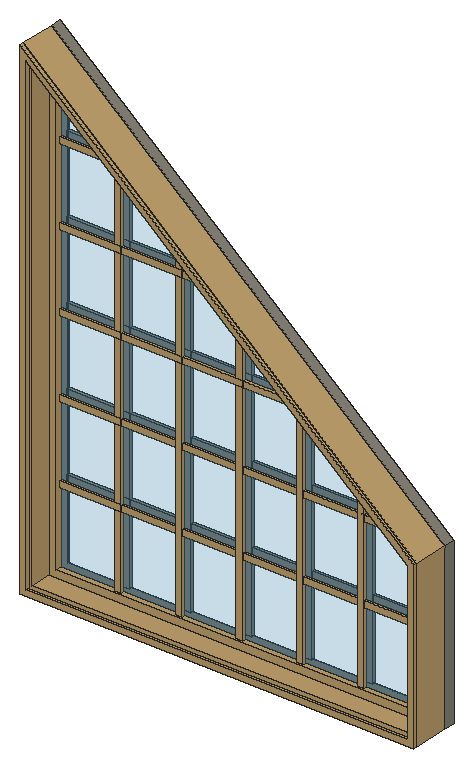
Revit family
Parameters (values of type "CDGPOLY P4")
  Window Type = "Clad Direct Glaze Polygon Shape P4"
  URL = "www.marvin.com"
  Slope per foot = 0' - 10"
  Slope Length = Width / cos(Slope Angle)  # 5' - 2.482"
  Slope Angle = atan(Slope per foot / 1' 0")  # 39.8056°
  Nominal Width = 4' - 0"
  Nominal Height = 5' - 0"
  Muntins Interior Visibility = yes
  Muntins Interior Material = Wood-Marvin-Pine
  Muntins Exterior Visibility = yes
  Muntins Exterior Material = Aluminum-Marvin-Bronze
  Model = "CDGPOLY P4"
  Mask Offset [instance] = if(Inset to Installation Flange = 0' 1 3/32", 0' 0 1/32", 0' 0")  # 0' - 0"
  Mask [instance] = Inset to Installation Flange > 0' 1 3/32"  # no
  Manufacturer = "Marvin Windows and Doors"
  Lites Wide = 6
  Lites High = 6
  Label Visibility = no
  Springline Height = Height - (Slope Length * sin(Slope Angle))  # 1' - 8"
  Interior Material = Wood-Marvin-Pine
  Glazing Material = Glass-Marvin-IG Low E II with Argon
  Glass Type = "IG Low E II with Argon"
  Frame = "Aluminum Clad"
  Family created by = "www.rbuiltcomponents.com"
  Rough Width = Width + 0' 1"  # 4' - 1"
  Rough Height = Height + (0' 0 1/2" / cos(Slope Angle)) + (0' 0 1/2" * tan(Slope Angle))  # 5' - 1.06752"
  Jamb Extension Visibility = yes
  Inset to Installation Flange [instance] = 0' - 1"
  Height = Nominal Height  # 5' - 0"
  Design Pressure = if(or(Width > 10' 0", Height > 6' 0"), "", "DP40")  # "DP40"
  Description = "FIXED"
  Default Head Height = 8' - 0"
  Wall Closure = (empty or 0)
  Width = Nominal Width  # 4' - 0"
  Daylight Area = DLO Width * (DLO Height - DLO Height Above Springline) + (DLO Width * DLO Height Above Springline) / 2  # 11.5368 SF
  DLO Width = Width - 0' 3 15/16"  # 3' - 8 1/16"
  DLO Height Above Springline = DLO Width * tan(Slope Angle)  # 3' - 0 23/32"
  DLO Height = Height - 0' 3 15/16"  # 4' - 8 1/16"
  Cladding Material = Aluminum-Marvin-Bronze
  Assembly Code = ""
Reference planes (in)
  plane 1 "Center (Front/Back)": y = 0
  plane 2: z = 0
  plane 3 "Center (Left/Right)": x = -3
  plane 4 "Left": x = -27
  plane 5 "Right": x = 21
  plane 6 "Sill": z = 36
  plane 7 "Top": z = 96
  plane 8 "Inset": y = 2
  plane 9 "Glazing": y = 1.80078
  plane 10 "Jamb Ext Face": y = -2.5625
  plane 11: z = 66
  plane 12: y = -2.59375
Forms (in)
  Sweep 1, solid, material "Aluminum-Marvin-Bronze" <- "Cladding Material"
    path origin (0, 1.80078, 0) x (1, 0, 0) y (0, 0, 1)
      loop
        line (-27, 96) -> (-27, 36) -> (21, 36) -> (21, 56) -> (-27, 96)
    profile "Profile_Ext_Clad_Frame : Profile_Ext_Clad_Frame" origin (-27, 1.80078, 66) x (1, 0, 0) y (0, -1, 0)
      loop
        line (0.66161, -0.32533) -> (1.80253, -0.32533) -> (1.80253, -0.20244) -> (1.97001, -0.03495) -> (1.97001, 0) -> (0, 0) -> (0, -1.29321) -> (0.59393, -1.29321) -> (0.66161, -0.32533)
  Sweep 2, solid, material "Wood-Marvin-Pine" <- "Interior Material"
    path origin (0, 1.80078, 0) x (1, 0, 0) y (0, 0, 1)
      loop
        line (-27, 96) -> (-27, 36) -> (21, 36) -> (21, 56) -> (-27, 96)
    profile "Profile_Int_Frame : Profile_Int_Frame" origin (-27, 1.80078, 66) x (1, 0, 0) y (0, -1, 0)
      loop
        line (1.094, 4.36304) -> (0, 4.36304) -> (0, 0) -> (1.094, 0) -> (1.094, 1.0626) -> (1.97001, 1.0626) -> (1.97001, 1.7506) -> (1.094, 1.7506) -> (1.094, 4.36304)
  Extrusion 3, solid, material "Wood-Marvin-Pine" <- "Interior Material", visible <- "Jamb Extension Visibility", detail levels medium+fine
    sketch origin (0, -2.5625, 0) x (1, 0, 0) y (0, 0, 1)
      loop
        line (-27, 36) -> (21, 36) -> (21, 56) -> (-27, 96) -> (-27, 36)
      loop
        line (-26.3125, 36.6875) -> (20.3125, 36.6875) -> (20.3125, 55.67799) -> (-26.3125, 94.53216) -> (-26.3125, 36.6875)
    from 0.03125 to 0.4375
  Extrusion 4, solid, material "Glass-Marvin-IG Low E II with Argon" <- "Glazing Material"
    sketch origin (0, 1.80078, 0) x (1, 0, 0) y (0, 0, 1)
      loop
        line (19.71875, 55.64364) -> (-25.71875, 93.50822) -> (-25.71875, 37.28125) -> (19.71875, 37.28125) -> (19.71875, 55.64364)
    from 0 to 0.1875
  Extrusion 5, solid, material "Glass-Marvin-IG Low E II with Argon" <- "Glazing Material"
    sketch origin (0, 1.80078, 0) x (1, 0, 0) y (0, 0, 1)
      loop
        line (19.71875, 55.64364) -> (-25.71875, 93.50822) -> (-25.71875, 37.28125) -> (19.71875, 37.28125) -> (19.71875, 55.64364)
    from 0.8125 to 1
Lines and regions (in)
  Opening 1
    outline origin (-60, -3, 0) x (1, 0, 0) y (0, 0, 1)
      loop
        line (33, 96) -> (33, 36) -> (81, 36) -> (81, 56) -> (33, 96)
  Masking region 1
    outline origin (0, 0, 36) x (0, -1, 0) y (1, 0, 0)
      loop
        line (-3.094, -27) -> (2.5625, -27) -> (2.5625, 21) -> (-3.094, 21) -> (-3.094, -27)
  Masking region 2
    outline origin (-3, 0, 0) x (0, 1, 0) y (0, 0, 1)
      loop
        line (3.094, 96) -> (-2.5625, 96) -> (-2.5625, 36) -> (3.094, 36) -> (3.094, 96)
  Masking region 3, visible <- "Mask"
    outline origin (-3, 0, 0) x (0, 1, 0) y (0, 0, 1)
      loop
        line (3.094, 96) -> (3, 96) -> (3, 36) -> (3.094, 36) -> (3.094, 96)
  Masking region 4, visible <- "Jamb Extension Visibility"
    outline origin (0, 0, 36) x (0, -1, 0) y (1, 0, 0)
      loop
        line (-3, -27) -> (3, -27) -> (3, 21) -> (-3, 21) -> (-3, -27)
  Masking region 5
    outline origin (-3, 0, 0) x (0, 1, 0) y (0, 0, 1)
      loop
        line (-2.59375, 96) -> (-3, 96) -> (-3, 36) -> (-2.59375, 36) -> (-2.59375, 96)
  symbolic lines, style "Jamb Extension", visible <- "Jamb Extension Visibility", detail levels fine
    curve 1: line (-27, -3, 36) -> (-26.3125, -3, 36)
    curve 2: line (-26.3125, -3, 36) -> (-26.3125, -2.59375, 36)
    curve 3: line (21, -3, 36) -> (20.3125, -3, 36)
    curve 4: line (20.3125, -3, 36) -> (20.3125, -2.59375, 36)
    curve 5: line (-3, -3, 95.3125) -> (-3, -2.59375, 95.3125)
    curve 6: line (-3, -3, 36.6875) -> (-3, -2.59375, 36.6875)
  symbolic lines, style "WindowsFrameMullionProjection", detail levels coarse+medium
    curve 7: line (21, -2.5625, 36) -> (19.906, -2.5625, 36)
    curve 8: line (19.906, -2.5625, 36) -> (19.906, 3.094, 36)
    curve 9: line (19.906, 3.094, 36) -> (21, 3.094, 36)
    curve 10: line (19.906, 2.12611, 36) -> (19.02999, 2.12611, 36)
    curve 11: line (19.02999, 2.12611, 36) -> (19.02999, 0.05018, 36)
    curve 12: line (-25.906, 0.05018, 36) -> (-25.02999, 0.05018, 36)
    curve 13: line (-27, -2.5625, 36) -> (-25.906, -2.5625, 36)
    curve 14: line (-25.906, -2.5625, 36) -> (-25.906, 3.094, 36)
    curve 15: line (-25.906, 3.094, 36) -> (-27, 3.094, 36)
    curve 16: line (-25.02999, 2.12611, 36) -> (-25.02999, 0.05018, 36)
    curve 17: line (-3, 3.094, 96) -> (-3, 3.094, 94.906)
    curve 18: line (-3, 3.094, 94.906) -> (-3, -2.5625, 94.906)
    curve 19: line (-3, -2.5625, 94.906) -> (-3, -2.5625, 96)
    curve 20: line (-3, 2.12611, 94.906) -> (-3, 2.12611, 94.02999)
    curve 21: line (-3, 2.12611, 94.02999) -> (-3, 0.05018, 94.02999)
    curve 22: line (-3, 0.05018, 37.094) -> (-3, 0.05018, 37.97001)
    curve 23: line (-3, 3.094, 36) -> (-3, 3.094, 37.094)
    curve 24: line (-3, 3.094, 37.094) -> (-3, -2.5625, 37.094)
    curve 25: line (-3, -2.5625, 37.094) -> (-3, -2.5625, 36)
    curve 26: line (-3, 2.12611, 37.97001) -> (-3, 0.05018, 37.97001)
    curve 27: line (19.02999, 2.12611, 36) -> (-25.02999, 2.12611, 36)
    curve 28: line (19.02999, 0.05018, 36) -> (19.906, 0.05018, 36)
    curve 29: line (-25.02999, 0.05018, 36) -> (19.02999, 0.05018, 36)
    curve 30: line (-25.02999, 2.12611, 36) -> (-25.906, 2.12611, 36)
    curve 31: line (-3, 0.05018, 37.97001) -> (-3, 0.05018, 94.02999)
    curve 32: line (-3, 2.12611, 37.97001) -> (-3, 2.12611, 37.094)
    curve 33: line (-3, 0.05018, 94.02999) -> (-3, 0.05018, 94.906)
    curve 34: line (-3, 2.12611, 94.02999) -> (-3, 2.12611, 37.97001)
  symbolic lines, style "WindowsFrameMullionProjection", visible <- "Jamb Extension Visibility", detail levels coarse+medium
    curve 35: line (-26.3125, -2.59375, 36) -> (-26.3125, -3, 36)
    curve 36: line (-26.3125, -3, 36) -> (-27, -3, 36)
    curve 37: line (20.3125, -2.59375, 36) -> (20.3125, -3, 36)
    curve 38: line (20.3125, -3, 36) -> (21, -3, 36)
    curve 41: line (-3, -2.59375, 95.3125) -> (-3, -3, 95.3125)
    curve 42: line (-3, -3, 95.3125) -> (-3, -3, 96)
    curve 43: line (-3, -2.59375, 36.6875) -> (-3, -3, 36.6875)
    curve 44: line (-3, -3, 36.6875) -> (-3, -3, 36)
  symbolic lines, style "Jamb Extension", visible <- "Jamb Extension Visibility"
    curve 39: line (-3, -3, 36.6875) -> (-3, -3, 36)
    curve 40: line (-3, -3, 95.3125) -> (-3, -3, 96)
  symbolic lines, style "WindowsGlassProjection", detail levels coarse+medium
    curve 45: line (-3, 1.06756, 37.97001) -> (-3, 1.06756, 94.02999)
    curve 46: line (19.02999, 1.06956, 36) -> (-25.02999, 1.06956, 36)
  reference lines
    curve 47: line (-27, 0, 96) -> (21, 0, 56)
Text (in)
  text "EXTERIOR" at (-58.6888, 50.90694, 0), in view "Ref. Level"
  text "INTERIOR" at (-58.6888, -37.76638, 0), in view "Ref. Level"
  text "Exterior" at (0, 43.65631, 123.19604), in view "Left"
  text "Exterior" at (0, 18.29385, 125.04747), in view "Right"
Dimensions and locks (in)
  equal spacing: plane 4 "Left", plane 3 "Center (Left/Right)", plane 5 "Right"
  "Width": plane 4 "Left" to plane 5 "Right"
  "Height": plane 6 "Sill" to plane 7 "Top"
  "Inset to Installation Flange": host wall to plane 8 "Inset"
  locked: plane 9 "Glazing" to plane 8 "Inset" at 0.19922
  locked: plane 10 "Jamb Ext Face" to plane 8 "Inset" at 4.5625
  locked: Extrusion 4 sketch curve to plane 5 "Right" at 1.28125
  locked: plane 4 "Left" to Extrusion 4 sketch curve at 1.28125
  locked: plane 6 "Sill" to Extrusion 4 sketch curve at 1.28125
  equal spacing: curve 28, plane 8 "Inset", curve 10
  equal spacing: plane 6 "Sill", plane 11, plane 7 "Top"
  "Default Head Height": plane 2 to plane 7 "Top"
  locked: Extrusion 3 sketch curve to Extrusion 3 sketch curve at 0.6875  (x3)
  locked: nested 3 to host wall at 12.00106
  locked: Extrusion 5 sketch curve to plane 5 "Right" at 1.28125
  locked: plane 6 "Sill" to Extrusion 5 sketch curve at 1.28125
  locked: plane 4 "Left" to Extrusion 5 sketch curve at 1.28125
  locked: plane 9 "Glazing" to Extrusion 4 at 0.1875
  locked: plane 9 "Glazing" to Extrusion 5 at 0.8125
  locked: plane 9 "Glazing" to Extrusion 5 at 1
  locked: Extrusion 5 to Extrusion 5 at 0.1875
  "Slope Length": curve 47 to curve 47
  "Springline Height": plane 6 "Sill" to curve 47
  locked: curve 41 to plane 7 "Top" at 0.6875
  locked: plane 12 to plane 10 "Jamb Ext Face" at 0.03125
  "Mask Offset": Masking region 3 sketch curve to host wall
  locked: nested 5 to plane 9 "Glazing" at 1.0626
  "Slope Angle": angle plane 7 "Top" to curve 47
  aligned and locked: plane 6 "Sill" to Opening 1 sketch curve  (x2)
  aligned and locked: plane 5 "Right" to Opening 1 sketch curve
  aligned and locked: plane 4 "Left" to Opening 1 sketch curve
  aligned and locked: nested 1 to plane 3 "Center (Left/Right)"
  aligned and locked: plane 8 "Inset" to nested 1
  aligned and locked: host wall to curve 1
  aligned and locked: curve 3 to host wall
  aligned and locked: Sweep 1 sketch curve to plane 6 "Sill"
  aligned and locked: plane 5 "Right" to Sweep 1 sketch curve
  aligned and locked: Sweep 1 sketch curve to plane 4 "Left"
  aligned and locked: Sweep 2 sketch curve to plane 4 "Left"
  aligned and locked: plane 5 "Right" to Sweep 2 sketch curve
  aligned and locked: Sweep 2 sketch curve to plane 6 "Sill"
  aligned and locked: plane 8 "Inset" to nested 2
  aligned and locked: Extrusion 3 sketch curve to plane 6 "Sill"
  aligned and locked: plane 5 "Right" to Extrusion 3 sketch curve
  aligned and locked: plane 5 "Right" to Masking region 1 sketch curve
  aligned and locked: Masking region 1 sketch curve to plane 4 "Left"
  aligned and locked: plane 7 "Top" to Masking region 2 sketch curve
  aligned and locked: Masking region 2 sketch curve to plane 6 "Sill"
  aligned and locked: host wall to Extrusion 3
  aligned and locked: plane 3 "Center (Left/Right)" to nested 3
  aligned and locked: plane 7 "Top" to Masking region 3 sketch curve
  aligned and locked: Masking region 3 sketch curve to plane 6 "Sill"
  aligned and locked: Extrusion 3 sketch curve to plane 4 "Left"
  aligned and locked: curve 2 to Extrusion 3
  aligned and locked: curve 4 to Extrusion 3
  aligned and locked: plane 10 "Jamb Ext Face" to curve 13
  aligned and locked: curve 7 to plane 10 "Jamb Ext Face"
  aligned and locked: plane 4 "Left" to curve 36
  aligned and locked: curve 35 to Extrusion 3
  aligned and locked: curve 36 to host wall
  aligned and locked: plane 5 "Right" to curve 38
  aligned and locked: Extrusion 3 to curve 37  (x2)
  aligned and locked: host wall to curve 38
  aligned and locked: curve 25 to plane 10 "Jamb Ext Face"
  aligned and locked: plane 6 "Sill" to curve 39
  aligned and locked: curve 39 to Extrusion 3
  aligned and locked: plane 10 "Jamb Ext Face" to curve 19
  aligned and locked: plane 7 "Top" to curve 40
  aligned and locked: plane 7 "Top" to curve 42
  aligned and locked: host wall to curve 42
  aligned and locked: plane 6 "Sill" to curve 44
  aligned and locked: curve 43 to Extrusion 3
  aligned and locked: Extrusion 4 to plane 9 "Glazing"
  aligned and locked: curve 14 to Sweep 2
  aligned and locked: curve 8 to Sweep 2
  aligned and locked: curve 24 to Sweep 2
  aligned and locked: Sweep 1 to curve 32
  aligned and locked: plane 9 "Glazing" to Extrusion 4
  aligned and locked: Sweep 1 to curve 30
  aligned and locked: curve 12 to Sweep 2
  aligned and locked: curve 16 to Sweep 2
  aligned and locked: Sweep 1 to curve 10
  aligned and locked: Sweep 2 to curve 28
  aligned and locked: curve 11 to Sweep 2
  aligned and locked: curve 9 to Sweep 1
  aligned and locked: Sweep 1 to curve 15
  aligned and locked: Masking region 1 sketch curve to Sweep 1
  aligned and locked: Masking region 3 sketch curve to Sweep 1
  aligned and locked: Masking region 2 sketch curve to Sweep 1
  aligned and locked: curve 17 to Sweep 1
  aligned and locked: curve 20 to Sweep 1
  aligned and locked: Sweep 2 to curve 33
  aligned and locked: curve 23 to Sweep 1
  aligned and locked: curve 22 to Sweep 2
  aligned and locked: curve 26 to Sweep 2
  aligned and locked: plane 4 "Left" to curve 47
  aligned and locked: Sweep 1 sketch curve to curve 47
  aligned and locked: Sweep 2 sketch curve to curve 47
  aligned and locked: Extrusion 3 sketch curve to curve 47
  aligned and locked: Sweep 2 to Extrusion 4 sketch curve
  aligned and locked: Extrusion 5 sketch curve to Extrusion 4
  aligned and locked: Opening 1 sketch curve to curve 47
  aligned and locked: plane 6 "Sill" to nested 2
  aligned and locked: curve 18 to nested 2
  aligned and locked: curve 21 to nested 2
  aligned and locked: Extrusion 3 to curve 35
  aligned and locked: Extrusion 3 to curve 2
  aligned and locked: Extrusion 3 to curve 4
  aligned and locked: Masking region 1 sketch curve to plane 10 "Jamb Ext Face"
  aligned and locked: Masking region 4 sketch curve to plane 4 "Left"
  aligned and locked: plane 5 "Right" to Masking region 4 sketch curve
  aligned and locked: Masking region 4 sketch curve to host wall  (x2)
  aligned and locked: Extrusion 3 to curve 41
  aligned and locked: Extrusion 3 to curve 5
  aligned and locked: Extrusion 3 to curve 43
  aligned and locked: Extrusion 3 to curve 6
  aligned and locked: Extrusion 3 to plane 12
  aligned and locked: Masking region 2 sketch curve to plane 10 "Jamb Ext Face"
  aligned and locked: plane 7 "Top" to Masking region 5 sketch curve
  aligned and locked: Masking region 5 sketch curve to plane 6 "Sill"
  aligned and locked: plane 12 to Masking region 5 sketch curve
  aligned and locked: Masking region 5 sketch curve to host wall
  aligned and locked: plane 9 "Glazing" to nested 4
  aligned and locked: nested 4 to plane 11
  aligned and locked: nested 4 to plane 3 "Center (Left/Right)"
  aligned and locked: plane 3 "Center (Left/Right)" to nested 5
  aligned and locked: plane 11 to nested 5
Automatic sketch dimensions
  Extrusion 3 sketch curve to plane 4 "Left" = 0' - 0 11/16"
  curve 1 to plane 4 "Left" = 0' - 0"
  curve 3 to plane 5 "Right" = 0' - 0"
  curve 39 to host wall = 0' - 0"
  curve 25 to plane 6 "Sill" = 0' - 0"
  curve 23 to plane 6 "Sill" = 0' - 0"
  curve 17 to plane 7 "Top" = 0' - 0"
  curve 19 to plane 7 "Top" = 0' - 0"
  plane 9 "Glazing" to curve 45 = 0' - 0.73322"
  curve 15 to plane 4 "Left" = 0' - 0"
  curve 13 to plane 4 "Left" = 0' - 0"
  curve 9 to plane 5 "Right" = 0' - 0"
  curve 7 to plane 5 "Right" = 0' - 0"
  plane 9 "Glazing" to curve 46 = 0' - 0.73122"
Nested families (in)
  nested 1: "Polygon_Plan_Detail" at (-3, 2, 36) x (-1, 0, 0) z (0, 0, -1), type "Polygon_Plan_Detail", detail levels fine
    with Width 4' - 0"
  nested 2: "Polygon_Section_Detail" at (-3, 2, 96) x (0, -1, 0) z (1, 0, 0), type "Polygon_Section_Detail", detail levels fine
    with Height 5' - 0"
  nested 3: "Label Annotation 1-16 w6" at (-3, 15.00106, 0), visible <- "Label Visibility", type "Label Annotation 1-16 w6"
    with Nominal Height 5' - 0"
  nested 4: "Muntins" at (-3, 1.80078, 2.03125), visible <- "Muntins Exterior Visibility", Muntin Material <- "Muntins Exterior Material", type "Muntins"
    with Muntin Material Aluminum-Marvin-Bronze, Springline 1' - 8"
  nested 5: "Muntins" at (-3, 0.73818, 2.03125), visible <- "Muntins Interior Visibility", Muntin Material <- "Muntins Interior Material", type "Muntins"
    with Muntin Material Wood-Marvin-Pine, Springline 1' - 8"
Definition of nested family "Muntins"
  Parameters (values of type "Muntins")
    Springline = 0' - 8"
    GlazingWidth = 3' - 8 1/16"
    GlazingHeight = 4' - 8 1/16"
    Width = GlazingWidth + 0' 0 5/16"  # 3' - 8 3/8"
    VerticalMuntins = if(LitesHorizontal < 3, 2, LitesHorizontal - 1)  # 5
    VertMuntVisible = LitesHorizontal > 2  # yes
    MuntinWidth = 0' - 0 3/4"
    MuntinDepth = 0' - 0 5/16"
    Muntin Material [instance] = none
    LitesVertical = 6
    LitesHorizontal = 6
    HorizontalMuntins = if(LitesVertical < 3, 2, LitesVertical - 1)  # 5
    HorizMuntVisible = LitesVertical > 2  # yes
    Height = GlazingHeight + 0' 0 5/16"  # 4' - 8 3/8"
    Inset Vert = if(LitesHorizontal < 3, (Width / 3) - (MuntinWidth / 2), (Width / LitesHorizontal) - (MuntinWidth / 2))  # 0' - 7.02083"
    Inset Horiz = if(LitesVertical < 3, (Height / 3) - (MuntinWidth / 2), (Height / LitesVertical) - (MuntinWidth / 2))  # 0' - 9.02083"
    CenterMuntinVertical = LitesHorizontal = 2  # no
    CenterMuntinHorizontal = LitesVertical = 2  # no
    Assembly Code = ""
  Reference planes (in)
    plane 1 "Center (Front/Back)": y = 0
    plane 2: z = 0
    plane 3 "Center (Left/Right)": x = 0
    plane 4: z = 35.78125
    plane 5: z = 63.96875
    plane 6: z = 92.15625
    plane 7: z = 83.13542
    plane 8: z = 44.80208
    plane 9: z = 92
    plane 10: z = 35.9375
    plane 11: x = -22.03125
    plane 12: x = 22.03125
    plane 13: x = -15.16667
    plane 14: x = -22.1875
    plane 15: x = 22.1875
    plane 16: x = 15.16667
    plane 17: z = 33.96875
    plane 18: x = -24
    plane 19: x = 24
    plane 20: z = 93.96875
    plane 21: z = 41.96875
  Forms (in)
    Extrusion 1, solid, material <- "Muntin Material", visible <- "CenterMuntinVertical"
      sketch origin (9, 0, 0) x (1, 0, 0) y (0, 0, 1)
        loop
          line (-9.375, 92.15625) -> (-9.375, 35.78125) -> (-8.625, 35.78125) -> (-8.625, 92.15625) -> (-9.375, 92.15625)
      from 0 to 0.3125 <- "MuntinDepth"
    Extrusion 2, solid, material <- "Muntin Material", visible <- "CenterMuntinHorizontal"
      sketch origin (-0.0013, 0, 14.6875) x (1, 0, 0) y (0, 0, 1)
        loop
          line (-22.1862, 49.65625) -> (-22.1862, 48.90625) -> (22.1888, 48.90625) -> (22.1888, 49.65625) -> (-22.1862, 49.65625)
      from 0 to 0.3125 <- "MuntinDepth"
    Extrusion 3, solid, material <- "Muntin Material", visible <- "VertMuntVisible"
      sketch origin (-5.79167, 0, -2.90625) x (1, 0, 0) y (0, 0, 1)
        loop
          line (-9.375, 95.0625) -> (-9.375, 38.6875) -> (-8.625, 38.6875) -> (-8.625, 95.0625) -> (-9.375, 95.0625)
      from 0 to 0.3125 <- "MuntinDepth"
    Extrusion 4, solid, material <- "Muntin Material", visible <- "HorizMuntVisible"
      sketch origin (6.8724, 0, 37.44792) x (1, 0, 0) y (0, 0, 1)
        loop
          line (-29.0599, 45.6875) -> (-29.0599, 44.9375) -> (15.3151, 44.9375) -> (15.3151, 45.6875) -> (-29.0599, 45.6875)
      from 0 to 0.3125 <- "MuntinDepth"
    Extrusion 5, solid, material <- "Muntin Material", visible <- "HorizMuntVisible"
      sketch origin (6.8724, 0, -0.13542) x (1, 0, 0) y (0, 0, 1)
        loop
          line (-29.0599, 45.6875) -> (-29.0599, 44.9375) -> (15.3151, 44.9375) -> (15.3151, 45.6875) -> (-29.0599, 45.6875)
      from 0 to 0.3125 <- "MuntinDepth"
    Extrusion 6, solid, material <- "Muntin Material", visible <- "VertMuntVisible"
      sketch origin (23.79167, 0, -2.90625) x (1, 0, 0) y (0, 0, 1)
        loop
          line (-9.375, 95.0625) -> (-9.375, 38.6875) -> (-8.625, 38.6875) -> (-8.625, 95.0625) -> (-9.375, 95.0625)
      from 0 to 0.3125 <- "MuntinDepth"
    Extrusion 7, solid, material <- "Muntin Material", visible <- "HorizMuntVisible"
      sketch origin (6.8724, 0, 28.05208) x (1, 0, 0) y (0, 0, 1)
        loop
          line (-29.0599, 45.6875) -> (-29.0599, 44.9375) -> (15.3151, 44.9375) -> (15.3151, 45.6875) -> (-29.0599, 45.6875)
      from 0 to 0.3125 <- "MuntinDepth"
    Extrusion 8, solid, material <- "Muntin Material", visible <- "HorizMuntVisible"
      sketch origin (6.8724, 0, 18.65625) x (1, 0, 0) y (0, 0, 1)
        loop
          line (-29.0599, 45.6875) -> (-29.0599, 44.9375) -> (15.3151, 44.9375) -> (15.3151, 45.6875) -> (-29.0599, 45.6875)
      from 0 to 0.3125 <- "MuntinDepth"
    Extrusion 9, solid, material <- "Muntin Material", visible <- "VertMuntVisible"
      sketch origin (1.60417, 0, -2.90625) x (1, 0, 0) y (0, 0, 1)
        loop
          line (-9.375, 95.0625) -> (-9.375, 38.6875) -> (-8.625, 38.6875) -> (-8.625, 95.0625) -> (-9.375, 95.0625)
      from 0 to 0.3125 <- "MuntinDepth"
    Extrusion 10, solid, material <- "Muntin Material", visible <- "VertMuntVisible"
      sketch origin (9, 0, -2.90625) x (1, 0, 0) y (0, 0, 1)
        loop
          line (-9.375, 95.0625) -> (-9.375, 38.6875) -> (-8.625, 38.6875) -> (-8.625, 95.0625) -> (-9.375, 95.0625)
      from 0 to 0.3125 <- "MuntinDepth"
    Extrusion 11, solid, material <- "Muntin Material", visible <- "HorizMuntVisible"
      sketch origin (6.8724, 0, 9.26042) x (1, 0, 0) y (0, 0, 1)
        loop
          line (-29.0599, 45.6875) -> (-29.0599, 44.9375) -> (15.3151, 44.9375) -> (15.3151, 45.6875) -> (-29.0599, 45.6875)
      from 0 to 0.3125 <- "MuntinDepth"
    Extrusion 12, solid, material <- "Muntin Material", visible <- "VertMuntVisible"
      sketch origin (16.39583, 0, -2.90625) x (1, 0, 0) y (0, 0, 1)
        loop
          line (-9.375, 95.0625) -> (-9.375, 38.6875) -> (-8.625, 38.6875) -> (-8.625, 95.0625) -> (-9.375, 95.0625)
      from 0 to 0.3125 <- "MuntinDepth"
    Extrusion 13, void
      sketch origin (0, 0, 0) x (1, 0, 0) y (0, 0, 1)
        loop
          line (24, 93.96875) -> (-26.46665, 93.96875) -> (24, 39.29655) -> (24, 93.96875)
      from 0 to 12
  Cuts and joins
    Extrusion 13 cuts Extrusion 1
    Extrusion 13 cuts Extrusion 2
    Extrusion 13 cuts Extrusion 3
    Extrusion 13 cuts Extrusion 4
    Extrusion 13 cuts Extrusion 6
    Extrusion 13 cuts Extrusion 7
    Extrusion 13 cuts Extrusion 8
    Extrusion 13 cuts Extrusion 9
    Extrusion 13 cuts Extrusion 10
    Extrusion 13 cuts Extrusion 12
    Extrusion 13 cuts Extrusion 11
    Extrusion 13 cuts Extrusion 5
  Lines and regions (in)
    reference lines
      curve 1: line (24, 0, 41.96875) -> (-24, 0, 93.96875)
  Dimensions and locks (in)
    "Inset Horiz": plane 6 to plane 7
    "Inset Horiz": plane 8 to plane 4
    equal spacing: plane 6, plane 5, plane 4
    "Height": plane 6 to plane 4
    "GlazingHeight": plane 9 to plane 10
    equal spacing: plane 9, plane 5, plane 10
    "GlazingWidth": plane 12 to plane 11
    equal spacing: plane 12, plane 3 "Center (Left/Right)", plane 11
    "MuntinWidth": Extrusion 1 sketch curve to Extrusion 1 sketch curve
    "Height": Extrusion 1 sketch curve to Extrusion 1 sketch curve
    "MuntinWidth": Extrusion 2 sketch curve to Extrusion 2 sketch curve
    "Width": Extrusion 2 sketch curve to Extrusion 2 sketch curve
    "MuntinWidth": Extrusion 3 sketch curve to Extrusion 3 sketch curve
    "Height": Extrusion 3 sketch curve to Extrusion 3 sketch curve
    "Width": plane 15 to plane 14
    equal spacing: plane 15, plane 3 "Center (Left/Right)", plane 14
    "Inset Vert": plane 13 to plane 14
    "Inset Vert": plane 15 to plane 16
    "MuntinWidth": Extrusion 4 sketch curve to Extrusion 4 sketch curve
    "Width": Extrusion 4 sketch curve to Extrusion 4 sketch curve
    "MuntinWidth": Extrusion 5 sketch curve to Extrusion 5 sketch curve
    "Width": Extrusion 5 sketch curve to Extrusion 5 sketch curve
    equal spacing: group 2, group 6, group 7, group 10, group 3  (x2)
    equal spacing: group 3, group 10, group 7, group 6, group 2
    "MuntinWidth": Extrusion 6 sketch curve to Extrusion 6 sketch curve
    "Height": Extrusion 6 sketch curve to Extrusion 6 sketch curve
    equal spacing: group 4, group 8, group 9, group 11, group 5  (x3)
    locked: plane 17 to plane 10 at 1.96875
    locked: plane 11 to plane 18 at 1.96875
    locked: plane 12 to plane 19 at 1.96875
    locked: plane 20 to plane 9 at 1.96875
    "Springline": plane 17 to plane 21
    "MuntinWidth": Extrusion 7 sketch curve to Extrusion 7 sketch curve
    "Width": Extrusion 7 sketch curve to Extrusion 7 sketch curve
    "MuntinWidth": Extrusion 8 sketch curve to Extrusion 8 sketch curve
    "Width": Extrusion 8 sketch curve to Extrusion 8 sketch curve
    "MuntinWidth": Extrusion 9 sketch curve to Extrusion 9 sketch curve
    "Height": Extrusion 9 sketch curve to Extrusion 9 sketch curve
    "MuntinWidth": Extrusion 10 sketch curve to Extrusion 10 sketch curve
    "Height": Extrusion 10 sketch curve to Extrusion 10 sketch curve
    "MuntinWidth": Extrusion 11 sketch curve to Extrusion 11 sketch curve
    "Width": Extrusion 11 sketch curve to Extrusion 11 sketch curve
    "MuntinWidth": Extrusion 12 sketch curve to Extrusion 12 sketch curve
    "Height": Extrusion 12 sketch curve to Extrusion 12 sketch curve
    locked: Extrusion 13 sketch curve to curve 1 at 1.8125
    aligned and locked: plane 6 to Extrusion 1  (x2)
    aligned and locked: Extrusion 1 to plane 4  (x3)
    aligned and locked: Extrusion 3 to plane 13  (x5)
    aligned and locked: Extrusion 3 to plane 4  (x3)
    aligned and locked: Extrusion 2 to plane 14
    aligned and locked: plane 15 to Extrusion 2
    aligned and locked: plane 6 to Extrusion 3
    aligned and locked: plane 7 to Extrusion 4
    aligned and locked: Extrusion 4 to plane 14
    aligned and locked: plane 15 to Extrusion 4
    aligned and locked: Extrusion 5 to plane 14
    aligned and locked: Extrusion 5 to plane 8
    aligned and locked: plane 15 to Extrusion 5
    aligned and locked: Extrusion 6 to plane 16
    aligned and locked: plane 6 to Extrusion 6
    aligned and locked: Extrusion 6 to plane 4
    aligned and locked: plane 19 to curve 1
    aligned and locked: plane 20 to curve 1
    aligned and locked: Extrusion 13 sketch curve to plane 20
    aligned and locked: Extrusion 13 sketch curve to plane 19
  Automatic sketch dimensions
    Extrusion 1 sketch curve to plane 4 = 0' - 0"
    Extrusion 1 sketch curve to plane 3 "Center (Left/Right)" = 0' - 0 3/8"
    Extrusion 2 sketch curve to plane 14 = 0' - 0"
    Extrusion 2 sketch curve to plane 5 = 0' - 0 3/8"
    curve 1 to plane 18 = 0' - 0"
    curve 1 to plane 21 = 0' - 0"
Definition of nested family "Polygon_Plan_Detail"
  Parameters (values of type "Polygon_Plan_Detail")
    Width = 3' - 0"
    Assembly Code = ""
  Reference planes (in)
    plane 1 "Center (Front/Back)": y = 0
    plane 2: z = 0
    plane 3 "Center (Left/Right)": x = 0
    plane 4: x = -18
    plane 5: x = 18
  Lines and regions (in)
    detail lines, style "Cut Lines", in view "Ref. Level"
      curve 1: line (-16.71748, -0.23076, 0) -> (16.71748, -0.23076, 0)
      curve 2: line (16.71748, -0.41826, 0) -> (-16.71748, -0.41826, 0)
      curve 3: line (-16.71749, -1.04326, 0) -> (16.71749, -1.04326, 0)
      curve 4: line (16.71749, -1.23076, 0) -> (-16.71749, -1.23076, 0)
  Dimensions and locks (in)
    equal spacing: plane 4, plane 3 "Center (Left/Right)", plane 5
    "Width": plane 4 to plane 5
    aligned and locked: plane 1 "Center (Front/Back)" to nested 1
    aligned and locked: nested 1 to plane 4
    aligned and locked: plane 5 to nested 2
    aligned and locked: nested 2 to plane 1 "Center (Front/Back)"
    aligned and locked: curve 1 to nested 1
    aligned and locked: curve 2 to nested 2
    aligned and locked: curve 3 to nested 1
    aligned and locked: curve 4 to nested 2
  Automatic sketch dimensions
    plane 4 to curve 3 = 0' - 1.28251"
    curve 4 to curve 3 = 0' - 0"
    curve 3 to curve 1 = 0' - 0"
    curve 2 to curve 1 = 0' - 0"  (x2)
    plane 5 to curve 1 = 0' - 1.28252"
    curve 2 to curve 4 = 0' - 0"
    curve 3 to curve 4 = 0' - 0"
  Nested families (in)
    nested 1: "Jamb_Detail" at (-18, 0, 0), type "Jamb_Detail", in view "Ref. Level"
    nested 2: "Jamb_Detail" at (18, 0, 0) x (-1, 0, 0) z (0, 0, 1), type "Jamb_Detail", in view "Ref. Level"
  Definition of nested family "Jamb_Detail"
    Reference planes (in)
      plane 1 "Center (Front/Back)": y = 0
      plane 2: z = 0
      plane 3 "Center (Left/Right)": x = 0
    Lines and regions (in)
      detail lines, style "Cut Lines", in view "Ref. Level"
        curve 1: line (1.094, 4.5625, 0) -> (0, 4.5625, 0)
        curve 2: line (0, 4.5625, 0) -> (0, -1.09375, 0)
        curve 3: line (1.094, 4.5625, 0) -> (1.094, 1.95006, 0)
        curve 4: line (1.094, 1.95006, 0) -> (1.97001, 1.95006, 0)
        curve 5: line (1.97001, 1.95006, 0) -> (1.97001, 1.26206, 0)
        curve 6: line (1.97001, 1.26206, 0) -> (1.094, 1.26206, 0)
        curve 7: line (-0.15502, 0, 0) -> (-1.50502, 0, 0)
        curve 8: line (0, -0.045, 0) -> (-1.50502, -0.045, 0)
        curve 9: line (0, 0.11, 0) -> (-0.15502, 0.11, 0)
        curve 10: line (-0.15502, 0, 0) -> (-0.15502, 0.11, 0)
        curve 11: line (0.66161, -0.12586, 0) -> (0.59393, -1.09375, 0)
        curve 12: line (0.59393, -1.09375, 0) -> (0, -1.09375, 0)
        curve 13: line (1.80253, -0.12586, 0) -> (0.66161, -0.12586, 0)
        curve 14: line (1.80253, -0.00297, 0) -> (1.80253, -0.12586, 0)
        curve 15: line (1.094, 0.19946, 0) -> (1.97001, 0.19946, 0)
        curve 16: line (-1.50502, 0, 0) -> (-1.50502, -0.045, 0)
        curve 17: line (1.97001, 0.19946, 0) -> (1.97001, 0.16452, 0)
        curve 18: line (1.094, 1.26206, 0) -> (1.094, 0.19946, 0)
        curve 19: line (1.72001, 1.04326, 0) -> (1.72001, 0.41826, 0)
        curve 20: line (1.40751, 1.04326, 0) -> (1.40751, 0.41826, 0)
        curve 21: line (1.28251, 1.23076, 0) -> (1.28251, 1.04326, 0)
        curve 22: line (1.28252, 0.23076, 0) -> (1.28252, 0.41826, 0)
        curve 23: line (1.80253, -0.00297, 0) -> (1.97001, 0.16452, 0)
Definition of nested family "Polygon_Section_Detail"
  Parameters (values of type "Polygon_Section_Detail")
    Height = 3' - 0"
    Assembly Code = ""
  Reference planes (in)
    plane 1 "Center (Front/Back)": y = 0
    plane 2: z = 0
    plane 3 "Center (Left/Right)": x = 0
    plane 4: y = 36
  Lines and regions (in)
    detail lines, style "Cut Lines", in view "Ref. Level"
      curve 1: line (0.23076, 1.28252, 0) -> (0.23076, 34.71748, 0)
      curve 2: line (0.41826, 34.71748, 0) -> (0.41826, 1.28252, 0)
      curve 3: line (1.04326, 1.28251, 0) -> (1.04326, 34.71749, 0)
      curve 4: line (1.23076, 34.71749, 0) -> (1.23076, 1.28251, 0)
  Dimensions and locks (in)
    "Height": plane 4 to plane 1 "Center (Front/Back)"
    aligned and locked: nested 1 to plane 4
    aligned and locked: plane 3 "Center (Left/Right)" to nested 1
    aligned and locked: curve 2 to nested 1
    aligned and locked: curve 4 to nested 1
    aligned and locked: plane 1 "Center (Front/Back)" to nested 2
    aligned and locked: nested 2 to plane 3 "Center (Left/Right)"
    aligned and locked: curve 1 to nested 2
    aligned and locked: nested 2 to curve 2
    aligned and locked: nested 2 to curve 3
    aligned and locked: curve 4 to nested 2
  Automatic sketch dimensions
    curve 2 to plane 4 = 0' - 1.28252"
    curve 1 to curve 2 = 0' - 0"
    curve 2 to curve 4 = 0' - 0"
    curve 3 to curve 4 = 0' - 0"
    curve 1 to curve 2 = 0' - 0 3/16"
    curve 3 to curve 4 = 0' - 0 3/16"
  Nested families (in)
    nested 1: "Head_Detail" at (0, 36, 0), type "Head_Detail", in view "Ref. Level"
    nested 2: "Head_Detail" at (0, 0, 0), type "Head_Detail", in view "Ref. Level"
  Definition of nested family "Head_Detail"
    Reference planes (in)
      plane 1 "Center (Front/Back)": y = 0
      plane 2: z = 0
      plane 3 "Center (Left/Right)": x = 0
    Lines and regions (in)
      detail lines, style "Cut Lines", in view "Ref. Level"
        curve 1: line (4.5625, -1.094, 0) -> (4.5625, 0, 0)
        curve 2: line (4.5625, 0, 0) -> (-1.09375, 0, 0)
        curve 3: line (4.5625, -1.094, 0) -> (1.95006, -1.094, 0)
        curve 4: line (1.95006, -1.094, 0) -> (1.95006, -1.97001, 0)
        curve 5: line (1.95006, -1.97001, 0) -> (1.26206, -1.97001, 0)
        curve 6: line (1.26206, -1.97001, 0) -> (1.26206, -1.094, 0)
        curve 7: line (0, 0.15502, 0) -> (0, 1.50502, 0)
        curve 8: line (-0.045, 0, 0) -> (-0.045, 1.50502, 0)
        curve 9: line (0.11, 0, 0) -> (0.11, 0.15502, 0)
        curve 10: line (0, 0.15502, 0) -> (0.11, 0.15502, 0)
        curve 11: line (-0.12586, -0.66161, 0) -> (-1.09375, -0.59393, 0)
        curve 12: line (-1.09375, -0.59393, 0) -> (-1.09375, 0, 0)
        curve 13: line (-0.12586, -1.80253, 0) -> (-0.12586, -0.66161, 0)
        curve 14: line (-0.00297, -1.80253, 0) -> (-0.12586, -1.80253, 0)
        curve 15: line (0.19946, -1.094, 0) -> (0.19946, -1.97001, 0)
        curve 16: line (0, 1.50502, 0) -> (-0.045, 1.50502, 0)
        curve 17: line (0.19946, -1.97001, 0) -> (0.16452, -1.97001, 0)
        curve 18: line (1.26206, -1.094, 0) -> (0.19946, -1.094, 0)
        curve 19: line (1.04326, -1.72001, 0) -> (0.41826, -1.72001, 0)
        curve 20: line (1.04326, -1.40751, 0) -> (0.41826, -1.40751, 0)
        curve 21: line (1.23076, -1.28251, 0) -> (1.04326, -1.28251, 0)
        curve 22: line (0.23076, -1.28252, 0) -> (0.41826, -1.28252, 0)
        curve 23: line (-0.00297, -1.80253, 0) -> (0.16452, -1.97001, 0)
Definition of nested family "Label Annotation 1-16 w6"
  Parameters
    Nominal Width = 4' - 0"
    Nominal Height = 6' - 0"
    Label = ""
    Egress Info = "EGRESS WDW"
    Description = "DBHG MGNM"
  Reference planes (in)
    plane 1: y = 0
    plane 2: x = 0
  Text (in)
    label "Nominal Width X  Nominal Height Description" at (0.00375, -0.00345, 0), shows "Nominal Width", "Nominal Height", "Description"
